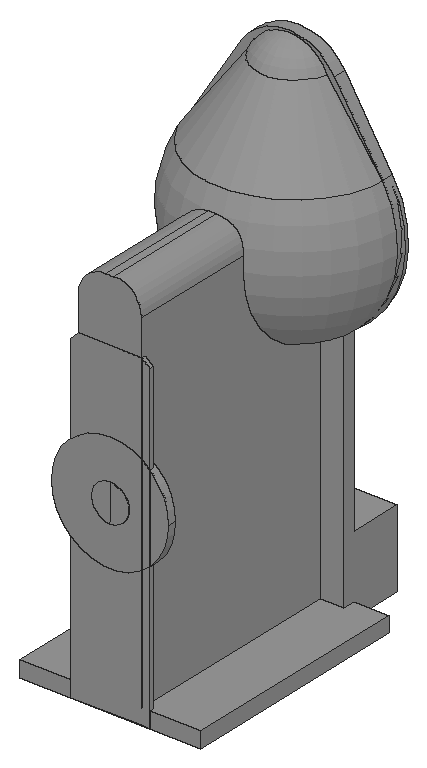
Revit family "Toilet-Willoughby-ETF-1490-FM-12-FA-BS", category Plumbing Fixtures, Revit 2015
Parameters (values of type "Standard")
  Waste DIA = 2 3/8"
  Waste Connection = yes
  W-RAD [instance] = Waste DIA / 2  # 0' - 1 3/16"
  Vent Connection = no
  URL = "https://www.willoughby-ind.com/wp-content/uploads/2018/01/ETF-1490-FM-FA.pdf"
  Type Comments = ""
  Revision = "A"
  Model = "ETF-1490-FM-FA-12-BS"
  Manufacturer = "Willoughby Industries"
  HW Connection = no
  Flush inlet DIA = 1 1/2"
  Fixture Body = Stainless Steel AISI 304-Willoughby
  F-RAD [instance] = Flush inlet DIA / 2  # 0' - 0 3/4"
  Description = "Floor Outlet, Floor Mounted Toilet, Front Access, With 12\" Rough In, Back Spud"
  Default Elevation = 0' - 0"
  Contact Number = "(800) 428-4065"
  CW Connection = yes
Reference planes (in)
  plane 1 "Base": y = -16.25
  plane 2: z = 0
  plane 3 "Center": x = 18.31072
  plane 4 "Waste height": y = -4.75
  plane 5: y = -1.25
  plane 6: z = -6.75
  plane 7: y = -2.125
  plane 8: y = -14.0625
  plane 9: y = 0
  plane 10: x = 16.56072
  plane 11: x = 20.06072
  plane 12: x = 11.56072
  plane 13: x = 25.06072
  plane 14: z = 23
  plane 15: z = 30.75
  plane 16: x = 15.81072
  plane 17: x = 20.81072
  plane 18: x = 16.31072
  plane 19: x = 20.31072
  plane 20: z = 12
  plane 21: x = 12.56072
  plane 22: x = 24.06072
  plane 23: y = 2.75
  plane 24: z = 32.75
  plane 25: z = 25
Forms (in)
  Extrusion 1, solid, material "Stainless Steel AISI 304-Willoughby" <- "Fixture Body"
    sketch origin (16.08109, 7.47968, -0.20225) x (-1, 0, 0) y (0, 0, -1)
      loop
        line (1.29775, -16.80087) -> (1.29775, -1.20225) -> (-5.72963, -1.20225) -> (-5.72963, -16.81676)
        arc (-5.72963, -16.81676) -> (-8.98136, -21.11843) -> (-8.21015, -26.45542) r 7
        line (-8.21015, -26.45542) -> (-5.16818, -31.31054)
        arc (-5.16818, -31.31054) -> (-2.20225, -32.95225) -> (0.76368, -31.31054) r 3.5
        line (0.76368, -31.31054) -> (3.80565, -26.45542)
        arc (3.80565, -26.45542) -> (4.5729, -21.10311) -> (1.29775, -16.80087) r 7
      loop
        arc (2.03989, -24.70557) -> (-2.20225, -18.23804) -> (-6.44438, -24.70557) r 4.625
        line (-6.44438, -24.70557) -> (-4.04125, -30.23842)
        arc (-4.04125, -30.23842) -> (-2.20225, -31.45225) -> (-0.36324, -30.23842) r 2
        line (-0.36324, -30.23842) -> (2.03989, -24.70557)
    from 8.72968 to 9.5
  Revolve 2, solid, material "Stainless Steel AISI 304-Willoughby" <- "Fixture Body"
    sketch origin (19.37246, -1.52032, 3.00169) x (-1, 0, 0) y (0, 0, -1)
      loop
        line (1.06174, -12.59906) -> (1.06174, -12.84906)
        arc (1.06174, -12.84906) -> (7.03046, -17.88333) -> (5.08904, -25.44643) r 7.34171
        line (5.08904, -25.44643) -> (3.31535, -27.91457)
        arc (3.31535, -27.91457) -> (2.42192, -29.02159) -> (1.06174, -29.43826) r 2.42844
        line (1.06174, -29.43826) -> (1.06174, -29.68826)
        arc (1.06174, -29.68826) -> (2.54295, -29.2403) -> (3.52767, -28.04656) r 2.67283
        line (3.52767, -28.04656) -> (7.06964, -23.19143)
        arc (7.06964, -23.19143) -> (7.15052, -16.14555) -> (1.06174, -12.59906) r 7
      axis (1.06174, -12.59906) -> (1.06174, -29.68826)
    angle from 0 to -180
  Extrusion 3, solid, material "Stainless Steel AISI 304-Willoughby" <- "Fixture Body"
    sketch origin (19.53334, -3.02032, -2.9508) x (0, 1, 0) y (0, 0, 1)
      loop
        line (-4.42257, 3.9508) -> (1.02643, 3.9508) -> (1.02643, 18.97156)
        arc (1.02643, 18.97156) -> (-2.31062, 20.32275) -> (-4.42257, 23.23845) r 6.52287
        line (-4.42257, 23.23845) -> (-4.42257, 3.9508)
    from 0.77738 to -3.22262
  Extrusion 4, solid, material "Stainless Steel AISI 304-Willoughby" <- "Fixture Body"
    sketch origin (18.31072, 0, -1) x (0, 1, 0) y (0, 0, 1)
      loop
        line (-1.25, 1) -> (2.25, 1) -> (2.25, 6) -> (-1.25, 6) -> (-1.25, 1)
    from -3.52738 to 3.5
  Extrusion 5, solid, material "Stainless Steel AISI 304-Willoughby" <- "Fixture Body", detail levels fine
    sketch origin (0, 0, 0) x (1, 0, 0) y (0, 1, 0)
      loop
        circle (18.31072, 0) r 0.75
    from 0 to 1
  Extrusion 6, solid, material "Stainless Steel AISI 304-Willoughby" <- "Fixture Body"
    sketch origin (0, -16.25, 0) x (1, 0, 0) y (0, 0, 1)
      loop
        line (24.06072, 0) -> (24.06072, 1) -> (12.56072, 1) -> (12.56072, 0) -> (24.06072, 0)
    from -15 to 0
  Extrusion 7, solid, material "Stainless Steel AISI 304-Willoughby" <- "Fixture Body"
    sketch origin (0, -16.25, 2) x (1, 0, 0) y (0, 0, 1)
      loop
        line (20.31072, -1) -> (20.31072, 21.25)
        arc (20.31072, 21.25) -> (19.79816, 22.48744) -> (18.56072, 23) r 1.75
        line (18.56072, 23) -> (18.06072, 23)
        arc (18.06072, 23) -> (16.82328, 22.48744) -> (16.31072, 21.25) r 1.75
        line (16.31072, 21.25) -> (16.31072, -1) -> (20.31072, -1)
    from 0 to -8.80711
  Revolve 8, solid, material "Stainless Steel AISI 304-Willoughby" <- "Fixture Body"
    sketch origin (18.31072, 0, 0) x (0, 1, 0) y (0, 0, 1)
      loop
        line (-16.2502, 12) -> (-14.75, 12) -> (-14.75, 13.1875) -> (-16.2502, 13.1875) -> (-16.2502, 12)
      axis (-14.75, 12) -> (-16.2502, 12)
    angle from 0 to 360
  Extrusion 9, solid, material "Stainless Steel AISI 304-Willoughby" <- "Fixture Body"
    sketch origin (0, -16.25, 0) x (1, 0, 0) y (0, 0, 1)
      loop
        circle (18.31072, 12) r 3.75
    from 0 to -0.5
  Extrusion 10, solid, material "Stainless Steel AISI 304-Willoughby" <- "Fixture Body"
    sketch origin (0, -16.25, 0) x (1, 0, 0) y (0, 0, 1)
      loop
        line (20.31072, 0) -> (20.81072, 0) -> (20.81072, 20.50876) -> (20.31948, 21) -> (16.32652, 21) -> (15.81072, 20.4842) -> (15.81072, 0) -> (16.31072, 0) -> (20.31072, 0)
    from 0 to -0.25
Cuts and joins
  joined: Extrusion 1, Extrusion 3, Extrusion 4, Extrusion 6, Extrusion 7
Lines and regions (in)
  symbolic lines
    curve 1: line (24.06072, -16.25, 0) -> (12.56072, -16.25, 0)
    curve 2: line (11.28334, -2.02032, 0) -> (11.28334, -1.25, 0)
    curve 3: line (11.28334, -1.25, 0) -> (25.28334, -1.25, 0)
    curve 4: line (25.28334, -1.25, 0) -> (25.28334, -2.02032, 0)
    curve 5: arc (25.28334, -2.02032, 0) -> (23.08274, -6.65012, 0) -> (18.31072, -8.52239, 0) r 6.9694
    curve 6: arc (18.31072, -8.52239, 0) -> (13.52881, -6.64203, 0) -> (11.28334, -2.02032, 0) r 7.06935
    curve 7: line (24.06072, -5.51876, 0) -> (24.06072, -16.25, 0)
    curve 8: line (12.56072, -5.5387, 0) -> (12.56072, -16.25, 0)
    curve 9: line (14.78334, -1.25, 0) -> (14.78334, 2.25, 0)
    curve 10: line (14.78334, 2.25, 0) -> (21.81072, 2.25, 0)
    curve 11: line (21.81072, 2.25, 0) -> (21.81072, -1.25, 0)
    curve 12: line (14.56072, -16.25, 0) -> (14.56072, -15.75, 0)
    curve 13: line (14.56072, -15.75, 0) -> (16.31072, -15.75, 0)
    curve 14: line (20.31072, -15.75, 0) -> (22.06072, -15.75, 0)
    curve 15: line (22.06072, -15.75, 0) -> (22.06072, -16.25, 0)
    curve 16: line (14.78334, -16.25, 1) -> (12.56072, -16.25, 1)
    curve 17: line (12.56072, -16.25, 1) -> (12.56072, -16.25, 0)
    curve 18: line (12.56072, -16.25, 0) -> (24.06072, -16.25, 0)
    curve 19: line (24.06072, -16.25, 0) -> (24.06072, -16.25, 1)
    curve 20: line (24.06072, -16.25, 1) -> (21.81072, -16.25, 1)
    curve 21: line (21.81072, -16.25, 1) -> (21.81072, -16.25, 16.61451)
    curve 22: arc (21.81072, -16.25, 16.61451) -> (25.06245, -16.25, 20.91618) -> (24.29124, -16.25, 26.25317) r 7
    curve 23: line (24.29124, -16.25, 26.25317) -> (21.24927, -16.25, 31.1083)
    curve 24: arc (21.24927, -16.25, 31.1083) -> (18.28334, -16.25, 32.75) -> (15.31741, -16.25, 31.1083) r 3.5
    curve 25: line (15.31741, -16.25, 31.1083) -> (12.34391, -16.25, 26.26096)
    curve 26: arc (12.34391, -16.25, 26.26096) -> (11.52805, -16.25, 20.91587) -> (14.78334, -16.25, 16.59862) r 6.9627
    curve 27: line (14.78334, -16.25, 16.59862) -> (14.78334, -16.25, 1)
    curve 35: line (18.31072, -16.25, 0) -> (18.31072, 2.25, 0)
    curve 36: line (18.31072, 2.25, 0) -> (18.31072, 2.25, 5)
    curve 37: line (18.31072, 2.25, 5) -> (18.31072, -1.25, 5)
    curve 38: line (18.31072, -1.25, 5) -> (18.31072, -1.25, 32.75)
    curve 39: line (18.31072, -1.25, 32.75) -> (18.31072, -2.02032, 32.75)
    curve 40: arc (18.31072, -2.02032, 32.75) -> (18.31072, -3.19227, 32.11744) -> (18.31072, -3.98625, 31.04824) r 3.07117
    curve 41: line (18.31072, -3.98625, 31.04824) -> (18.31072, -7.52822, 26.19312)
    curve 42: arc (18.31072, -7.52822, 26.19312) -> (18.31072, -7.8365, 25.61059) -> (18.31072, -8.08458, 25) r 6.54031
    curve 43: line (18.31072, -8.08458, 25) -> (18.31072, -16.25, 25)
    curve 44: line (18.31072, -16.25, 25) -> (18.31072, -16.25, 0)
    curve 45: line (18.31072, -16.25, 1) -> (18.31072, -2.02032, 1)
    curve 46: line (18.31072, -2.02032, 1) -> (18.31072, -2.02032, 16.59862)
    curve 47: line (18.31072, -2.02032, 16.59862) -> (18.31072, -1.25, 16.59862)
    curve 48: arc (18.31072, -2.02032, 15.84862) -> (18.31072, -5.37911, 17.1802) -> (18.31072, -7.68344, 19.96311) r 7.27697
    curve 49: arc (18.31072, -7.68344, 19.96311) -> (18.31072, -8.15448, 21.44571) -> (18.31072, -8.21893, 23) r 5.86144
    curve 50: arc (18.31072, -8.21893, 23) -> (18.31072, -8.13946, 23.99917) -> (18.31072, -8.08458, 25) r 40.7785
  symbolic lines, detail levels fine
    curve 28: arc (14.78334, -16.25, 13.27282) -> (14.56072, -16.25, 12) -> (14.78334, -16.25, 10.72718) r 3.75
    curve 29: arc (21.81072, -16.25, 10.65371) -> (22.06072, -16.25, 12) -> (21.81072, -16.25, 13.34629) r 3.75
    curve 30: arc (14.0412, -16.25, 24.50332) -> (18.28334, -16.25, 18.0358) -> (22.52547, -16.25, 24.50332) r 4.625
    curve 31: line (22.52547, -16.25, 24.50332) -> (20.12234, -16.25, 30.03617)
    curve 32: arc (20.12234, -16.25, 30.03617) -> (18.28334, -16.25, 31.2424) -> (16.44433, -16.25, 30.03617) r 2.00498
    curve 33: line (16.44433, -16.25, 30.03617) -> (14.0412, -16.25, 24.50332)
  symbolic lines, detail levels medium+fine
    curve 34: line (21.81072, -16.25, 5) -> (14.78334, -16.25, 5)
Dimensions and locks (in)
  plane 1 "Base" to plane 5 = 1' - 3"
  plane 1 "Base" to plane 9 = 1' - 4 1/4"
  level to plane 15 = 2' - 6 3/4"
  plane 21 to plane 22 = 0' - 11 1/2"  (x2)
  plane 13 to plane 22 = 0' - 1"
  plane 18 to plane 19 = 0' - 4"
  plane 20 to plane 2 = 1' - 0"
  plane 9 to plane 1 "Base" = 1' - 4 1/4"
  "F-RAD": radius of Extrusion 5 sketch curve
  aligned and locked: plane 9 to Extrusion 5 sketch curve
  aligned and locked: plane 3 "Center" to Extrusion 5 sketch curve
  aligned and locked: Revolve 8 sketch curve to Revolve 8 sketch curve  (x2)
Automatic sketch dimensions
  Extrusion 1 sketch curve to Extrusion 1 sketch curve = 0' - 0"  (x8)
  level to Extrusion 1 sketch curve = 0' - 1"
  plane 3 "Center" to Extrusion 1 sketch curve = 0' - 5.98052"
  Extrusion 1 sketch curve to Extrusion 1 sketch curve = 0' - 1.76576"  (x2)
  plane 3 "Center" to Extrusion 1 sketch curve = 0' - 3 1/2"
  plane 3 "Center" to Extrusion 1 sketch curve = 0' - 2.93855"
  Extrusion 1 sketch curve to Extrusion 1 sketch curve = 0' - 1.12693"  (x2)
  Extrusion 1 sketch curve to plane 3 "Center" = 0' - 0.02738"  (x2)
  Extrusion 1 sketch curve to plane 3 "Center" = 0' - 1.86639"
  Extrusion 1 sketch curve to plane 3 "Center" = 0' - 3.52738"
  Extrusion 1 sketch curve to plane 3 "Center" = 0' - 4 69/256"
  Extrusion 1 sketch curve to Extrusion 1 sketch curve = 1' - 3.59862"
  Extrusion 1 sketch curve to Extrusion 1 sketch curve = 0' - 0.01589"
  Extrusion 1 sketch curve to Extrusion 1 sketch curve = 0' - 6.06218"
  Extrusion 1 sketch curve to Extrusion 1 sketch curve = 0' - 1.74985"
  Extrusion 1 sketch curve to Extrusion 1 sketch curve = 0' - 4.74668"
  Extrusion 1 sketch curve to Extrusion 1 sketch curve = 0' - 0.78617"
  Extrusion 1 sketch curve to Extrusion 1 sketch curve = 0' - 1.07212"
  Extrusion 4 sketch curve to level = 0' - 0"
  Extrusion 4 sketch curve to plane 5 = 0' - 0"
  Extrusion 4 sketch curve to plane 9 = 0' - 2 1/4"
  level to Extrusion 4 sketch curve = 0' - 5"
  Extrusion 6 sketch curve to level = 0' - 0"
  level to Extrusion 6 sketch curve = 0' - 1"
  plane 12 to Extrusion 6 sketch curve = 0' - 1"
  Extrusion 6 sketch curve to plane 13 = 0' - 1"
  level to Extrusion 3 sketch curve = 0' - 1"
  plane 4 "Waste height" to Extrusion 3 sketch curve = 0' - 2.69289"
  plane 7 to Extrusion 3 sketch curve = 0' - 0.13111"
  plane 5 to Extrusion 3 sketch curve = 0' - 0.05941"
  Extrusion 3 sketch curve to plane 14 = 0' - 0.49238"
  Extrusion 3 sketch curve to Extrusion 3 sketch curve = 0' - 6.48686"
  Revolve 8 sketch curve to plane 20 = 0' - 0"
  plane 1 "Base" to Revolve 8 sketch curve = 0' - 0.0002"
  plane 8 to Revolve 8 sketch curve = 0' - 0 11/16"
  plane 20 to Revolve 8 sketch curve = 0' - 1 3/16"
  Revolve 8 sketch curve to Revolve 8 sketch curve = 0' - 1.4998"
  Revolve 2 sketch curve to plane 3 "Center" = 0' - 0"  (x3)
  plane 3 "Center" to Revolve 2 sketch curve = 0' - 0"
  Revolve 2 sketch curve to plane 11 = 0' - 0.72567"
  plane 18 to Revolve 2 sketch curve = 0' - 0.25361"
  Revolve 2 sketch curve to Revolve 2 sketch curve = 0' - 0.21232"
  plane 12 to Revolve 2 sketch curve = 0' - 0.7421"
  plane 15 to Revolve 2 sketch curve = 0' - 1.93995"
  Revolve 2 sketch curve to Revolve 2 sketch curve = 0' - 0 1/4"  (x2)
  plane 15 to Revolve 2 sketch curve = 0' - 0.29824"
  Revolve 2 sketch curve to Revolve 2 sketch curve = 0' - 0.13199"
  plane 14 to Revolve 2 sketch curve = 0' - 3.19312"
  plane 14 to Revolve 2 sketch curve = 0' - 0.12065"
  Revolve 2 sketch curve to Revolve 2 sketch curve = 0' - 0.51991"
  plane 18 to Revolve 2 sketch curve = 0' - 2.0273"
  plane 14 to Revolve 2 sketch curve = 0' - 2.93995"
  Revolve 2 sketch curve to Revolve 2 sketch curve = 0' - 2.4108"
  Extrusion 9 sketch curve to plane 3 "Center" = 0' - 0"
  Extrusion 9 sketch curve to plane 20 = 0' - 0"
  plane 18 to Extrusion 7 sketch curve = 0' - 0"
  Extrusion 7 sketch curve to plane 25 = 0' - 0"
  plane 19 to Extrusion 7 sketch curve = 0' - 0"
  Extrusion 7 sketch curve to plane 3 "Center" = 0' - 0 1/4"
  plane 3 "Center" to Extrusion 7 sketch curve = 0' - 0 1/4"
  level to Extrusion 7 sketch curve = 0' - 1"
  Extrusion 10 sketch curve to level = 0' - 0"
  plane 18 to Extrusion 10 sketch curve = 0' - 0"
  Extrusion 10 sketch curve to plane 18 = 0' - 0.0158"
  Extrusion 10 sketch curve to plane 19 = 0' - 0.00876"
  plane 19 to Extrusion 10 sketch curve = 0' - 0"
  Extrusion 10 sketch curve to Extrusion 10 sketch curve = 0' - 0 1/2"
  Extrusion 10 sketch curve to plane 19 = 0' - 0 1/2"
  Extrusion 10 sketch curve to plane 14 = 0' - 2.49124"
  Extrusion 10 sketch curve to Extrusion 10 sketch curve = 0' - 0.49124"
  Extrusion 10 sketch curve to Extrusion 10 sketch curve = 0' - 0.5158"
  plane 5 to curve 3 = 0' - 0"
  curve 8 to plane 21 = 0' - 0"
  curve 13 to plane 18 = 0' - 0"
  curve 5 to plane 3 "Center" = 0' - 0"
  curve 6 to plane 3 "Center" = 0' - 0"
  curve 14 to plane 19 = 0' - 0"
  plane 1 "Base" to curve 15 = 0' - 0"
  curve 7 to plane 22 = 0' - 0"
  curve 2 to plane 12 = 0' - 0.27738"
  curve 13 to plane 1 "Base" = 0' - 0 1/2"
  plane 18 to curve 13 = 0' - 1 3/4"
  curve 10 to plane 23 = 0' - 0 1/2"
  plane 18 to curve 10 = 0' - 1.52738"
  plane 3 "Center" to curve 5 = 0' - 0.0189"
  plane 3 "Center" to curve 6 = 0' - 0.01918"
  curve 11 to plane 19 = 0' - 1 1/2"
  curve 11 to curve 4 = 0' - 3.47262"
  plane 7 to curve 2 = 0' - 0.10468"
  plane 7 to curve 4 = 0' - 0.10468"
  curve 15 to plane 19 = 0' - 1 3/4"
  curve 14 to plane 1 "Base" = 0' - 0 1/2"
  curve 22 to curve 30 = 0' - 0"  (x2)
  curve 28 to curve 29 = 0' - 0"  (x2)
  curve 17 to level = 0' - 0"
  plane 21 to curve 17 = 0' - 0"
  curve 29 to plane 3 "Center" = 0' - 0"
  plane 22 to curve 19 = 0' - 0"
  curve 29 to plane 20 = 0' - 0"
  plane 21 to curve 25 = 0' - 0.21681"
  plane 15 to curve 25 = 0' - 0.3583"
  plane 18 to curve 25 = 0' - 0.99331"
  curve 33 to plane 10 = 0' - 0.11639"
  curve 26 to plane 3 "Center" = 0' - 0.0318"
  curve 32 to plane 3 "Center" = 0' - 0.02738"
  curve 30 to plane 3 "Center" = 0' - 0.02738"
  curve 24 to curve 32 = 0' - 0"
  plane 11 to curve 31 = 0' - 0.06162"
  plane 15 to curve 23 = 0' - 0.3583"
  curve 21 to plane 19 = 0' - 1 1/2"
  curve 31 to plane 25 = 0' - 0.49668"
  plane 22 to curve 31 = 0' - 1.53525"
  curve 23 to plane 22 = 0' - 0.23052"
  level to curve 17 = 0' - 1"
  level to curve 19 = 0' - 1"
  plane 20 to curve 27 = 0' - 4.59862"
  plane 20 to curve 21 = 0' - 4.61451"
  curve 26 to plane 14 = 0' - 0.37975"
  curve 26 to curve 22 = 0' - 0.04055"
  curve 32 to plane 15 = 0' - 1.51258"
  curve 32 to curve 24 = 0' - 0.01258"
  curve 31 to plane 15 = 0' - 0.71383"
  curve 33 to plane 25 = 0' - 0.49668"
  curve 30 to curve 33 = 0' - 0"
  plane 18 to curve 34 = 0' - 1.52738"
  curve 20 to curve 34 = 0' - 4"
  curve 29 to plane 20 = 0' - 1.34629"
  curve 28 to plane 20 = 0' - 1.27282"
  curve 43 to plane 1 "Base" = 0' - 0"
  curve 50 to plane 14 = 0' - 0"
  curve 50 to plane 25 = 0' - 0"
  curve 39 to plane 24 = 0' - 0"
  curve 47 to plane 5 = 0' - 0"
  curve 36 to level = 0' - 0"
  plane 25 to curve 50 = 0' - 1.73221"
  plane 25 to curve 41 = 0' - 1.19312"
  curve 43 to curve 41 = 0' - 0.55636"
  plane 15 to curve 41 = 0' - 0.29824"
  curve 41 to plane 4 "Waste height" = 0' - 0.76375"
  curve 49 to plane 7 = 0' - 0.25709"
  plane 7 to curve 39 = 0' - 0.10468"
  plane 7 to curve 47 = 0' - 0.10468"
  curve 42 to plane 14 = 0' - 0.15346"
  curve 40 to plane 5 = 0' - 0.06775"
  plane 14 to curve 48 = 0' - 0.06739"
  curve 48 to plane 5 = 0' - 0.14819"
  curve 36 to plane 23 = 0' - 0 1/2"
  level to curve 45 = 0' - 1"
  curve 45 to curve 38 = 0' - 4"
  plane 20 to curve 47 = 0' - 4.59862"
  curve 49 to plane 14 = 0' - 0.53646"
  curve 49 to curve 42 = 0' - 0.13434"
  curve 50 to curve 49 = 0' - 0"
  curve 48 to curve 49 = 0' - 0"
  radius of Extrusion 9 sketch curve = 0' - 3 3/4"
Connectors (in)
  piping at (18.31072, 0, 1), diameter 1.5, driven by "F-RAD", driven by "CW Connection"
    settings: on Extrusion 5, index 2, connector inside diameter 1 1/2", connector length 0' - 0", flow factor 0, pipe flow 0 GPM, pressure drop 0.00 psi, fitting loss kfactor 0, connector angle 0.00°, fixture units 0, engagement length 0' - 0", angle of deflection 0.00°, flow configuration 0, flow direction 1, fitting loss method 0, system type 20, joint type 0, gender type 0, connector reference index -1, connector utility 1, adjustable connector no, is connector primary yes, connector description "Flush Inlet"
  piping at (18.31072, -16.2502, 12), diameter 2.375, driven by "W-RAD", driven by "Waste Connection"
    settings: on Revolve 8, index 4, connector inside diameter 24", connector length 0' - 0", flow factor 0, pipe flow 1.6 GPM, pressure drop 0.00 psi, fitting loss kfactor 0, connector angle 0.00°, fixture units 0, engagement length 0' - 0", angle of deflection 0.00°, flow configuration 0, flow direction 2, fitting loss method 0, system type 16, joint type 0, gender type 0, connector reference index -1, connector utility 1, adjustable connector no, is connector primary no, connector description "Toilet Waste"
